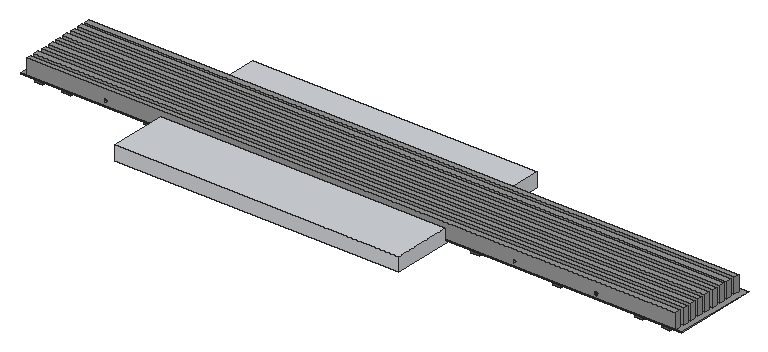
Revit family "1413-9, Solid", category Generic Models, host Face, Revit 2020
Family settings
  Host = Face
  Can host rebar = No
  Round Connector Dimension = Use Diameter
  Part Type = Normal
  Cut with Voids When Loaded = No
  Shared = No
  Room Calculation Point = No
Parameters
  min_value [instance] = 2' - 4"  # constant formula
  max_value [instance] = 11' - 11 1/4"  # constant formula
  actual_value [instance] = if(NET LENGTH < min_value, min_value, if(NET LENGTH > max_value, max_value, NET LENGTH))  # 7' - 11 1/4"
  SCRIM MATERIAL [instance] = SCRIM
  SCRIM APPEARANCE [instance] = yes
  NET LENGTH [instance] = 7' - 11 1/4"
  IMPORTANT NOTE!!!                                                                             *Backer & dowel layout is for visualization purposes only, final layout to be determined by 9Wood. [instance] = ""
  Default Elevation = 4' - 0"
  DOWEL RADIUS [instance] = 0' - 0 1/4"  # constant formula
  BACKER & DOWEL MATERIAL [instance] = BLACK-BACKERS
  .. MEMBER WIDTH [instance] = 0' - 0 3/4"  # constant formula
  .. MEMBER MATERIAL [instance] = Solid Western Hemlock
  .. MEMBER DEPTH [instance] = 0' - 2 1/4"  # constant formula
  .. MEMBER COUNT [instance] = 9  # constant formula
Reference planes (in)
  plane 1 "Center (Front/Back)": y = 0
  plane 2: z = 0
  plane 3 "Center (Left/Right)": x = 0
Forms (in)
  Extrusion 1, solid
    sketch origin (0, 0, 0) x (1, 0, 0) y (0, 1, 0)
      loop
        line (-24.24823, 14.63962) -> (-24.24823, -10.69266) -> (17.36192, -10.69266) -> (17.36192, 14.63962) -> (-24.24823, 14.63962)
    from 0 to 2.0625
Dimensions and locks (in)
  aligned and locked: plane 2 to Extrusion 1
Nested families (in)
  nested 1: "1400 series" at (-44.01308, -2.1224, 0.00189), NET LENGTH <- "actual_value", .. MEMBER DEPTH <- ".. MEMBER DEPTH", .. MEMBER WIDTH <- ".. MEMBER WIDTH", DOWEL RADIUS <- "DOWEL RADIUS", BACKER & DOWEL MATERIAL <- "BACKER & DOWEL MATERIAL", .. MEMBER MATERIAL <- ".. MEMBER MATERIAL", SCRIM MATERIAL <- "SCRIM MATERIAL", MEMBER COUNT <- ".. MEMBER COUNT", SCRIM APPEARANCE <- "SCRIM APPEARANCE", type "1400 series"
    with X 7' - 8", SCRIM MATERIAL SCRIM, SCRIM LENGTH 8' - 1", SCRIM APPEARANCE yes, SCRIM 2 0' - 0 7/8", SCRIM 1 0' - 0 3/32", OC TYP 1' - 0", NET LENGTH 7' - 11 1/4", N 8, MEMBER COUNT 9, INSET 2 0' - 0 3/16", INSET 0' - 1", HALF MEMBER WIDTH 0' - 0 3/8", END BACKER yes, DOWEL RADIUS 0' - 0 1/4", DOWEL INDEX 0' - 11 5/8", DOWEL COUNT 7, BACKING M COUNT 8, BACKER WIDTH 0' - 1 1/4", BACKER INDEX 0' - 5 5/8", BACKER DEPTH 0' - 0 1/2", BACKER & DOWEL MATERIAL BLACK-BACKERS, BACKER &  DOWEL LENGTH 0' - 11 7/8", .. MEMBER WIDTH 0' - 0 3/4", .. MEMBER OC TYP 0' - 1.33333", .. MEMBER MATERIAL Solid Western Hemlock, .. MEMBER DEPTH 0' - 2 1/4"
Definition of nested family "1400 series"
  Parameters (values of type "1400 series")
    X [instance] = NET LENGTH - 0' 3 1/4"  # 7' - 2"
    SCRIM MATERIAL [instance] = none
    SCRIM APPEARANCE [instance] = yes
    SCRIM 2 [instance] = 0' - 0 7/8"  # constant formula
    SCRIM 1 [instance] = 0' - 0 3/32"  # constant formula
    OC TYP [instance] = 1' - 0"  # constant formula
    N [instance] = if((X - (rounddown(X / 1' 0") * 1' 0")) > 1' 0", rounddown(X / 1' 0") + 2, rounddown(X / 1' 0") + 1)  # 8
    MEMBER COUNT [instance] = 2
    INSET 5 = 0' - 0 11/16"  # constant formula
    INSET 2 [instance] = 0' - 0 3/16"  # constant formula
    INSET [instance] = 0' - 1"  # constant formula
    END BACKER [instance] = BACKER INDEX > 0' 3 5/8"  # no
    HALF MEMBER WIDTH [instance] = .. MEMBER WIDTH / 2  # 0' - 1 1/8"
    Default Elevation = 0' - 0"
    DOWEL RADIUS [instance] = 0' - 0 1/4"
    DOWEL INDEX [instance] = BACKER INDEX + 0' 6"  # 0' - 8 5/8"
    DOWEL COUNT [instance] = N - 1  # 7
    BACKER WIDTH [instance] = 0' - 1 1/4"  # constant formula
    BACKER INDEX [instance] = (NET LENGTH - ((N - 1) * 1' 0")) / 2  # 0' - 2 5/8"
    BACKER DEPTH [instance] = 0' - 0 1/2"  # constant formula
    BACKING M COUNT [instance] = N  # 8
    BACKER & DOWEL MATERIAL [instance] = none
    BACKER &  DOWEL LENGTH [instance] = 0' - 11 7/8"  # constant formula
    SCRIM LENGTH [instance] = NET LENGTH + (SCRIM 2 * 2)  # 7' - 7"
    .. MEMBER WIDTH [instance] = 0' - 2 1/4"
    .. MEMBER OC TYP [instance] = 1' 0" / MEMBER COUNT  # 0' - 6"
    .. MEMBER MATERIAL [instance] = none
    NET LENGTH [instance] = 7' - 5 1/4"
    .. MEMBER DEPTH [instance] = 0' - 4"
  Reference planes (in)
    plane 1 "Center (Front/Back)": y = 0
    plane 2: z = 0
    plane 3 "Center (Left/Right)": x = 0
    plane 4: x = 89.25
    plane 5: x = 1
    plane 6: x = 88.25
    plane 7: x = 2.625
    plane 8: x = 8.625
    plane 9: x = 14.625
    plane 10: x = 20.625
    plane 11: y = 0.1875
    plane 12: y = 1.125
    plane 13: y = 7.125
    plane 14: y = 12.0625
    plane 15: x = 90.125
    plane 16: x = -0.875
    plane 17: y = 12.15625
    plane 18: y = -0.09375
    plane 19: z = 2.7097
    plane 20: z = 0.49811
    plane 21: z = 0.56061
    plane 22: z = 1.24811
  Lines and regions (in)
    model lines, not visible
      curve 1: line (8.625, 0, 0.99811) -> (8.625, 0, 1.49811)
      curve 2: line (8.625, 0, 1.49811) -> (8.375, 0, 1.24811)
      curve 3: line (8.375, 0, 1.24811) -> (8.875, 0, 1.24811)
      curve 4: line (20.625, 0, 0.99811) -> (20.625, 0, 1.49811)
      curve 5: line (20.625, 0, 1.49811) -> (20.375, 0, 1.24811)
      curve 6: line (20.375, 0, 1.24811) -> (20.875, 0, 1.24811)
      curve 7: line (32.625, 0, 0.99811) -> (32.625, 0, 1.49811)
      curve 8: line (32.625, 0, 1.49811) -> (32.375, 0, 1.24811)
      curve 9: line (32.375, 0, 1.24811) -> (32.875, 0, 1.24811)
      curve 10: line (44.625, 0, 0.99811) -> (44.625, 0, 1.49811)
      curve 11: line (44.625, 0, 1.49811) -> (44.375, 0, 1.24811)
      curve 12: line (44.375, 0, 1.24811) -> (44.875, 0, 1.24811)
      curve 13: line (56.625, 0, 0.99811) -> (56.625, 0, 1.49811)
      curve 14: line (56.625, 0, 1.49811) -> (56.375, 0, 1.24811)
      curve 15: line (56.375, 0, 1.24811) -> (56.875, 0, 1.24811)
      curve 16: line (68.625, 0, 0.99811) -> (68.625, 0, 1.49811)
      curve 17: line (68.625, 0, 1.49811) -> (68.375, 0, 1.24811)
      curve 18: line (68.375, 0, 1.24811) -> (68.875, 0, 1.24811)
      curve 19: line (80.625, 0, 0.99811) -> (80.625, 0, 1.49811)
      curve 20: line (80.625, 0, 1.49811) -> (80.375, 0, 1.24811)
      curve 21: line (80.375, 0, 1.24811) -> (80.875, 0, 1.24811)
  Dimensions and locks (in)
    "INSET": plane 3 "Center (Left/Right)" to plane 5
    "NET LENGTH": plane 3 "Center (Left/Right)" to plane 4
    "INSET": plane 6 to plane 4
    "BACKER INDEX": plane 3 "Center (Left/Right)" to plane 7
    "DOWEL INDEX": plane 3 "Center (Left/Right)" to plane 8
    "OC TYP": plane 7 to plane 9
    "OC TYP": plane 8 to plane 10
    "INSET 2": plane 1 "Center (Front/Back)" to plane 11
    equal spacing: group 1, group 2, group 5, group 6, group 7, group 13, group 14, group 16  (x3)
    equal spacing: group 3, group 4, group 8, group 9, group 10, group 15, group 17  (x3)
    group 11 to group 12 = 0' - 0"  (x2)
    group 11 to group 12 = 0' - 6"
    ".. MEMBER OC TYP": plane 13 to plane 12
    "HALF MEMBER WIDTH": plane 1 "Center (Front/Back)" to plane 12
    "SCRIM 2": plane 16 to plane 3 "Center (Left/Right)"
    "SCRIM 2": plane 4 to plane 15
    "SCRIM 1": plane 18 to plane 1 "Center (Front/Back)"
    "SCRIM 1": plane 17 to plane 14
    "INSET 5": plane 22 to plane 21
    aligned and locked: level to plane 2
    aligned and locked: plane 7 to nested 2
    aligned and locked: plane 5 to nested 1
    aligned and locked: plane 9 to nested 3
    aligned and locked: nested 1 to plane 5
    aligned and locked: nested 2 to plane 11
    aligned and locked: nested 1 to plane 11
    aligned and locked: nested 3 to plane 11
    aligned and locked: nested 4 to plane 11  (x2)
    aligned and locked: plane 10 to nested 5
    aligned and locked: plane 6 to nested 12
    aligned and locked: nested 5 to plane 11
    aligned and locked: plane 11 to nested 12
    aligned and locked: plane 12 to nested 13
    aligned and locked: nested 14 to plane 13
    aligned and locked: plane 14 to nested 8
    aligned and locked: plane 16 to nested 15
    aligned and locked: nested 15 to plane 18
    aligned and locked: nested 15 to plane 17
    aligned and locked: nested 15 to plane 16  (x2)
    aligned and locked: nested 1 to level
    aligned and locked: level to nested 3
    aligned and locked: plane 20 to nested 2
    aligned and locked: plane 20 to nested 1
    aligned and locked: plane 20 to nested 3
    aligned and locked: nested 12 to plane 20
    aligned and locked: nested 15 to plane 20
    aligned and locked: plane 21 to nested 15
    aligned and locked: nested 13 to plane 21
    aligned and locked: plane 22 to nested 4
    aligned and locked: plane 22 to nested 5
    aligned and locked: nested 13 to plane 8
    aligned and locked: plane 10 to nested 13
    aligned and locked: curve 1 to nested 13
    aligned and locked: nested 13 to curve 4
  Automatic sketch dimensions
    curve 3 to curve 1 = 0' - 0 1/4"  (x2)
    curve 1 to curve 3 = 0' - 0 1/4"
    curve 1 to curve 2 = 0' - 0 1/4"
    curve 6 to curve 4 = 0' - 0 1/4"  (x2)
    curve 4 to curve 6 = 0' - 0 1/4"
    curve 4 to curve 5 = 0' - 0 1/4"
    curve 9 to curve 7 = 0' - 0 1/4"  (x2)
    curve 7 to curve 9 = 0' - 0 1/4"
    curve 7 to curve 8 = 0' - 0 1/4"
    curve 12 to curve 10 = 0' - 0 1/4"  (x2)
    curve 10 to curve 12 = 0' - 0 1/4"
    curve 10 to curve 11 = 0' - 0 1/4"
    curve 15 to curve 13 = 0' - 0 1/4"  (x2)
    curve 13 to curve 15 = 0' - 0 1/4"
    curve 13 to curve 14 = 0' - 0 1/4"
    curve 18 to curve 16 = 0' - 0 1/4"  (x2)
    curve 16 to curve 18 = 0' - 0 1/4"
    curve 16 to curve 17 = 0' - 0 1/4"
    curve 21 to curve 19 = 0' - 0 1/4"  (x2)
    curve 19 to curve 21 = 0' - 0 1/4"
    curve 19 to curve 20 = 0' - 0 1/4"
  Nested families (in)
    nested 1: "INSTANCE - 3RD -  EXTEND BOTH SIDES - Parametric Cube.0001" at (1, 0.1875, 0.49811), Length <- "BACKER &  DOWEL LENGTH", Width <- "BACKER WIDTH", Height <- "BACKER DEPTH", Material <- "BACKER & DOWEL MATERIAL", visible <- "END BACKER", type "INSTANCE - 3RD -  EXTEND BOTH SIDES - Parametric Cube.0001"
      with Width 0' - 1 1/4", Material none, Length 0' - 11 7/8", Height 0' - 0 1/2"
    nested 2: "INSTANCE - 2ND -  EXTEND SIDE H CENTER W - Parametric Cube.0001" at (2.625, 0.1875, 0.49811), Width <- "BACKER WIDTH", Length <- "BACKER &  DOWEL LENGTH", Height <- "BACKER DEPTH", Material <- "BACKER & DOWEL MATERIAL", type "INSTANCE - 2ND -  EXTEND SIDE H CENTER W - Parametric Cube.0001"
      with Width 0' - 1 1/4", Material none, Length 0' - 11 7/8", Height 0' - 0 1/2"
    nested 3: "INSTANCE - 2ND -  EXTEND SIDE H CENTER W - Parametric Cube.0001" at (14.625, 0.1875, 0.49811), Width <- "BACKER WIDTH", Length <- "BACKER &  DOWEL LENGTH", Height <- "BACKER DEPTH", Material <- "BACKER & DOWEL MATERIAL", type "INSTANCE - 2ND -  EXTEND SIDE H CENTER W - Parametric Cube.0001"
      with Width 0' - 1 1/4", Material none, Length 0' - 11 7/8", Height 0' - 0 1/2"
    nested 4: "DOWEL" at (-1.375, 0.1875, 1.24811), DOWEL LENGTH <- "BACKER &  DOWEL LENGTH", DOWEL RADII <- "DOWEL RADIUS", BACKING MEM MATERIAL <- "BACKER & DOWEL MATERIAL", type "DOWEL"
      with DOWEL RADII 0' - 0 1/4", DOWEL LENGTH 0' - 11 7/8", BACKING MEM MATERIAL none
    nested 5: "DOWEL" at (10.625, 0.1875, 1.24811), DOWEL LENGTH <- "BACKER &  DOWEL LENGTH", DOWEL RADII <- "DOWEL RADIUS", BACKING MEM MATERIAL <- "BACKER & DOWEL MATERIAL", type "DOWEL"
      with DOWEL RADII 0' - 0 1/4", DOWEL LENGTH 0' - 11 7/8", BACKING MEM MATERIAL none
    nested 6: "INSTANCE - 2ND -  EXTEND SIDE H CENTER W - Parametric Cube.0001" at (26.625, 0.1875, 0.49811), Width <- "BACKER WIDTH", Length <- "BACKER &  DOWEL LENGTH", Height <- "BACKER DEPTH", Material <- "BACKER & DOWEL MATERIAL", type "INSTANCE - 2ND -  EXTEND SIDE H CENTER W - Parametric Cube.0001"
      with Width 0' - 1 1/4", Material none, Length 0' - 11 7/8", Height 0' - 0 1/2"
    nested 7: "INSTANCE - 2ND -  EXTEND SIDE H CENTER W - Parametric Cube.0001" at (38.625, 0.1875, 0.49811), Width <- "BACKER WIDTH", Length <- "BACKER &  DOWEL LENGTH", Height <- "BACKER DEPTH", Material <- "BACKER & DOWEL MATERIAL", type "INSTANCE - 2ND -  EXTEND SIDE H CENTER W - Parametric Cube.0001"
      with Width 0' - 1 1/4", Material none, Length 0' - 11 7/8", Height 0' - 0 1/2"
    nested 8: "INSTANCE - 2ND -  EXTEND SIDE H CENTER W - Parametric Cube.0001" at (50.625, 0.1875, 0.49811), Width <- "BACKER WIDTH", Length <- "BACKER &  DOWEL LENGTH", Height <- "BACKER DEPTH", Material <- "BACKER & DOWEL MATERIAL", type "INSTANCE - 2ND -  EXTEND SIDE H CENTER W - Parametric Cube.0001"
      with Width 0' - 1 1/4", Material none, Length 0' - 11 7/8", Height 0' - 0 1/2"
    nested 9: "DOWEL" at (22.625, 0.1875, 1.24811), DOWEL LENGTH <- "BACKER &  DOWEL LENGTH", DOWEL RADII <- "DOWEL RADIUS", BACKING MEM MATERIAL <- "BACKER & DOWEL MATERIAL", type "DOWEL"
      with DOWEL RADII 0' - 0 1/4", DOWEL LENGTH 0' - 11 7/8", BACKING MEM MATERIAL none
    nested 10: "DOWEL" at (34.625, 0.1875, 1.24811), DOWEL LENGTH <- "BACKER &  DOWEL LENGTH", DOWEL RADII <- "DOWEL RADIUS", BACKING MEM MATERIAL <- "BACKER & DOWEL MATERIAL", type "DOWEL"
      with DOWEL RADII 0' - 0 1/4", DOWEL LENGTH 0' - 11 7/8", BACKING MEM MATERIAL none
    nested 11: "DOWEL" at (46.625, 0.1875, 1.24811), DOWEL LENGTH <- "BACKER &  DOWEL LENGTH", DOWEL RADII <- "DOWEL RADIUS", BACKING MEM MATERIAL <- "BACKER & DOWEL MATERIAL", type "DOWEL"
      with DOWEL RADII 0' - 0 1/4", DOWEL LENGTH 0' - 11 7/8", BACKING MEM MATERIAL none
    nested 12: "INSTANCE - 3RD -  EXTEND BOTH SIDES - Parametric Cube.0001" at (88.25, 0.1875, 0.49811) x (-1, 0, 0) z (0, 0, 1), Width <- "BACKER WIDTH", Length <- "BACKER &  DOWEL LENGTH", Height <- "BACKER DEPTH", Material <- "BACKER & DOWEL MATERIAL", visible <- "END BACKER", type "INSTANCE - 3RD -  EXTEND BOTH SIDES - Parametric Cube.0001"
      with Width 0' - 1 1/4", Material none, Length 0' - 11 7/8", Height 0' - 0 1/2"
    nested 13: "HOLED MEMBER" at (0, -9.75, 8.12965), DOWEL INDEX <- "DOWEL INDEX", .. MEMBER LENGTH <- "NET LENGTH", .. MEMBER WIDTH <- ".. MEMBER WIDTH", DOWEL OC DIST <- "OC TYP", DOWEL RADII <- "DOWEL RADIUS", Material <- ".. MEMBER MATERIAL", DEPTH <- ".. MEMBER DEPTH", DOWEL COUNT <- "DOWEL COUNT", Space <- "INSET 5", type "HOLED MEMBER"
      with Space 0' - 0 11/16", Material none, Height 0' - 10.43096", HALF MEMBER WIDTH 0' - 1 1/8", DOWEL RADII 0' - 0 1/4", DOWEL OC DIST 1' - 0", DOWEL INDEX 0' - 8 5/8", DOWEL COUNT 7, DEPTH 0' - 4", .. MEMBER WIDTH 0' - 2 1/4", .. MEMBER LENGTH 7' - 5 1/4"
    nested 14: "HOLED MEMBER" at (0, -3.75, 8.12965), DOWEL INDEX <- "DOWEL INDEX", .. MEMBER LENGTH <- "NET LENGTH", .. MEMBER WIDTH <- ".. MEMBER WIDTH", DOWEL OC DIST <- "OC TYP", DOWEL RADII <- "DOWEL RADIUS", Material <- ".. MEMBER MATERIAL", DEPTH <- ".. MEMBER DEPTH", DOWEL COUNT <- "DOWEL COUNT", Space <- "INSET 5", type "HOLED MEMBER"
      with Space 0' - 0 11/16", Material none, Height 0' - 10.43096", HALF MEMBER WIDTH 0' - 1 1/8", DOWEL RADII 0' - 0 1/4", DOWEL OC DIST 1' - 0", DOWEL INDEX 0' - 8 5/8", DOWEL COUNT 7, DEPTH 0' - 4", .. MEMBER WIDTH 0' - 2 1/4", .. MEMBER LENGTH 7' - 5 1/4"
    nested 15: "INSTANCE - 3RD -  EXTEND BOTH SIDES - Parametric Cube.0001" at (-0.875, -0.09375, 0.56061), Width <- "SCRIM LENGTH", Material <- "SCRIM MATERIAL", visible <- "SCRIM APPEARANCE", type "INSTANCE - 3RD -  EXTEND BOTH SIDES - Parametric Cube.0001"
      with Width 7' - 7", Material none, Length 1' - 0 1/4", Height 0' - 0 1/16"
    nested 16: "INSTANCE - 2ND -  EXTEND SIDE H CENTER W - Parametric Cube.0001" at (62.625, 0.1875, 0.49811), Width <- "BACKER WIDTH", Length <- "BACKER &  DOWEL LENGTH", Height <- "BACKER DEPTH", Material <- "BACKER & DOWEL MATERIAL", type "INSTANCE - 2ND -  EXTEND SIDE H CENTER W - Parametric Cube.0001"
      with Width 0' - 1 1/4", Material none, Length 0' - 11 7/8", Height 0' - 0 1/2"
    nested 17: "INSTANCE - 2ND -  EXTEND SIDE H CENTER W - Parametric Cube.0001" at (74.625, 0.1875, 0.49811), Width <- "BACKER WIDTH", Length <- "BACKER &  DOWEL LENGTH", Height <- "BACKER DEPTH", Material <- "BACKER & DOWEL MATERIAL", type "INSTANCE - 2ND -  EXTEND SIDE H CENTER W - Parametric Cube.0001"
      with Width 0' - 1 1/4", Material none, Length 0' - 11 7/8", Height 0' - 0 1/2"
    nested 18: "DOWEL" at (58.625, 0.1875, 1.24811), DOWEL LENGTH <- "BACKER &  DOWEL LENGTH", DOWEL RADII <- "DOWEL RADIUS", BACKING MEM MATERIAL <- "BACKER & DOWEL MATERIAL", type "DOWEL"
      with DOWEL RADII 0' - 0 1/4", DOWEL LENGTH 0' - 11 7/8", BACKING MEM MATERIAL none
    nested 19: "INSTANCE - 2ND -  EXTEND SIDE H CENTER W - Parametric Cube.0001" at (86.625, 0.1875, 0.49811), Width <- "BACKER WIDTH", Length <- "BACKER &  DOWEL LENGTH", Height <- "BACKER DEPTH", Material <- "BACKER & DOWEL MATERIAL", type "INSTANCE - 2ND -  EXTEND SIDE H CENTER W - Parametric Cube.0001"
      with Width 0' - 1 1/4", Material none, Length 0' - 11 7/8", Height 0' - 0 1/2"
    nested 20: "DOWEL" at (70.625, 0.1875, 1.24811), DOWEL LENGTH <- "BACKER &  DOWEL LENGTH", DOWEL RADII <- "DOWEL RADIUS", BACKING MEM MATERIAL <- "BACKER & DOWEL MATERIAL", type "DOWEL"
      with DOWEL RADII 0' - 0 1/4", DOWEL LENGTH 0' - 11 7/8", BACKING MEM MATERIAL none
  Definition of nested family "INSTANCE - 3RD -  EXTEND BOTH SIDES - Parametric Cube.0001"
    Parameters (values of type "INSTANCE - 3RD -  EXTEND BOTH SIDES - Parametric Cube.0001")
      Width [instance] = 0' - 6"
      Material [instance] = none
      Length [instance] = 1' - 0"
      Height [instance] = 1' - 6"
      Default Elevation = 0' - 0"
    Reference planes (in)
      plane 1 "Center (Front/Back)": y = 0
      plane 2: z = 0
      plane 3 "Center (Left/Right)": x = 0
      plane 4: x = 6
      plane 5: y = 12
      plane 6: z = -18
    Forms (in)
      Extrusion 1, solid, material <- "Material"
        sketch origin (0, 6, 0) x (1, 0, 0) y (0, 1, 0)
          loop
            line (0, 6) -> (0, -6) -> (6, -6) -> (6, 6) -> (0, 6)
        from -18 to 0
    Dimensions and locks (in)
      "Height": plane 6 to level
      "Length": plane 1 "Center (Front/Back)" to plane 5
      "Width": plane 3 "Center (Left/Right)" to plane 4
      aligned and locked: plane 2 to level
      aligned and locked: Extrusion 1 sketch curve to plane 4
      aligned and locked: Extrusion 1 to plane 6
      aligned and locked: plane 5 to Extrusion 1
      aligned and locked: Extrusion 1 to plane 3 "Center (Left/Right)"
    Automatic sketch dimensions
      plane 1 "Center (Front/Back)" to Extrusion 1 sketch curve = 0' - 0"
      plane 5 to Extrusion 1 sketch curve = 0' - 0"
      Extrusion 1 sketch curve to plane 3 "Center (Left/Right)" = 0' - 0"
  Definition of nested family "INSTANCE - 2ND -  EXTEND SIDE H CENTER W - Parametric Cube.0001"
    Parameters (values of type "INSTANCE - 2ND -  EXTEND SIDE H CENTER W - Parametric Cube.0001")
      Width [instance] = 0' - 6"
      Material [instance] = none
      Length [instance] = 1' - 0"
      Height [instance] = 1' - 6"
      Default Elevation = 0' - 0"
    Reference planes (in)
      plane 1 "Center (Front/Back)": y = 0
      plane 2: z = 0
      plane 3 "Center (Left/Right)": x = 0
      plane 4: x = -3
      plane 5: x = 3
      plane 6: y = 12
      plane 7: z = -18
    Forms (in)
      Extrusion 1, solid, material <- "Material"
        sketch origin (0, 6, 0) x (1, 0, 0) y (0, 1, 0)
          loop
            line (-3, 6) -> (-3, -6) -> (3, -6) -> (3, 6) -> (-3, 6)
        from -18 to 0
    Dimensions and locks (in)
      equal spacing: plane 4, plane 3 "Center (Left/Right)", plane 5
      "Width": plane 4 to plane 5
      "Height": plane 7 to level
      "Length": plane 1 "Center (Front/Back)" to plane 6
      aligned and locked: plane 2 to level
      aligned and locked: plane 4 to Extrusion 1 sketch curve
      aligned and locked: Extrusion 1 sketch curve to plane 5
      aligned and locked: Extrusion 1 to plane 7
      aligned and locked: plane 6 to Extrusion 1
    Automatic sketch dimensions
      plane 1 "Center (Front/Back)" to Extrusion 1 sketch curve = 0' - 0"
      plane 6 to Extrusion 1 sketch curve = 0' - 0"
  Definition of nested family "DOWEL"
    Parameters (values of type "DOWEL")
      Default Elevation = 0' - 0"
      DOWEL RADII [instance] = 0' - 0 5/8"
      DOWEL LENGTH [instance] = 1' - 0"
      BACKING MEM MATERIAL [instance] = none
    Reference planes (in)
      plane 1 "Center (Front/Back)": y = 0
      plane 2: z = 0
      plane 3 "Center (Left/Right)": x = 0
      plane 4: y = 12
    Forms (in)
      Extrusion 1, solid, material <- "BACKING MEM MATERIAL"
        sketch origin (10, 0, 0) x (1, 0, 0) y (0, 0, 1)
          loop
            circle (0, 0) r 0.625
        from 0 to -12
      Extrusion 2, solid, not visible
        sketch origin (0, 0, 0) x (1, 0, 0) y (0, 0, 1)
          loop
            circle (0, 0) r 0.625
        from 0 to 12
      Extrusion 3, solid, not visible
        sketch origin (10, 0, 0) x (1, 0, 0) y (0, 0, 1)
          loop
            circle (0, 0) r 0.625
        from 0 to 2.5
      Extrusion 4, solid, not visible
        sketch origin (10, 0, 0) x (1, 0, 0) y (0, 0, 1)
          loop
            circle (0, 0) r 0.625
        from 0 to -12
    Lines and regions (in)
      model lines, not visible
        curve 1: line (-13, 0, 0) -> (-13, -12, 0)
        curve 2: line (13, 0, 0) -> (13, -12, 0)
        curve 3: line (9.89453, 0, 0) -> (10.08794, 0, 0)
        curve 4: line (9.89453, -2.5, 0) -> (10.08794, -2.5, 0)
        curve 6: line (10, 0, 0) -> (10, 2, 0)
      model lines
        curve 5: line (10, 0, 0) -> (10, 2, 0)
    Dimensions and locks (in)
      "DOWEL LENGTH": plane 1 "Center (Front/Back)" to plane 4
      "DOWEL RADII": radius of Extrusion 1 sketch curve
      "DOWEL RADII": radius of Extrusion 2 sketch curve
      "DOWEL RADII": radius of Extrusion 3 sketch curve
      "DOWEL RADII": radius of Extrusion 4 sketch curve
      "DOWEL RADII": radius of Extrusion 1
      aligned and locked: plane 2 to level
      aligned and locked: Extrusion 1 to plane 1 "Center (Front/Back)"  (x3)
      aligned and locked: plane 1 "Center (Front/Back)" to Extrusion 1
      aligned and locked: plane 4 to Extrusion 1
    Automatic sketch dimensions
      plane 1 "Center (Front/Back)" to curve 5 = 0' - 0"
      curve 5 to plane 1 "Center (Front/Back)" = 0' - 2"
      plane 3 "Center (Left/Right)" to curve 5 = 0' - 10"
      Extrusion 1 sketch curve to level = 0' - 0"
      plane 3 "Center (Left/Right)" to Extrusion 1 sketch curve = 0' - 10"
  Definition of nested family "HOLED MEMBER"
    Parameters (values of type "HOLED MEMBER")
      Space [instance] = 0' - 0 5/8"
      Material [instance] = none
      Height [instance] = 0' - 10.43096"
      HALF MEMBER WIDTH [instance] = .. MEMBER WIDTH / 2  # 0' - 0 5/16"
      Default Elevation = 0' - 0"
      DOWEL RADII [instance] = 0' - 0.34537"
      DOWEL OC DIST [instance] = 1' - 0"
      DOWEL INSET = 0' - 0 5/8"
      DOWEL INDEX [instance] = 0' - 5 5/8"
      DOWEL COUNT [instance] = 6
      DEPTH [instance] = 0' - 2"
      .. MEMBER WIDTH [instance] = 0' - 0 5/8"
      .. MEMBER LENGTH [instance] = 5' - 11 3/4"
    Reference planes (in)
      plane 1 "Center (Front/Back)": y = 12
      plane 2: z = -7.56904
      plane 3 "Center (Left/Right)": x = 0
      plane 4: x = 5.625
      plane 5: x = 17.625
      plane 6: y = 11.375
      plane 7: x = 71.75
      plane 8: y = 11.6875
      plane 9: z = -6.94404
      plane 10: z = -5.56904
    Forms (in)
      Extrusion 1, solid, material <- "Material"
        sketch origin (0, 12, -13.56904) x (1, 0, 0) y (0, 0, 1)
          loop
            line (0, 6) -> (71.75, 6) -> (71.75, 8) -> (0, 8) -> (0, 6)
        from 0.625 to 0
      Extrusion 2, void
        sketch origin (0, 12, -18.31904) x (1, 0, 0) y (0, 0, 1)
          loop
            circle (5.625, 11.375) r 0.34537
        from 0 to 12
      Extrusion 3, void, not visible
        sketch origin (0, 0, 0) x (1, 0, 0) y (0, 1, 0)
          loop
            circle (5.625, 11.375) r 0.34537
        from 0 to 12
      Extrusion 4, void, not visible
        sketch origin (0, 0, 0) x (1, 0, 0) y (0, 1, 0)
          loop
            circle (5.625, 11.375) r 0.34537
        from 0 to 12
      Extrusion 5, void, not visible
        sketch origin (12, 0, 0) x (1, 0, 0) y (0, 1, 0)
          loop
            circle (5.625, 11.375) r 0.34537
        from 0 to 12
      Extrusion 6, void, not visible
        sketch origin (0, 12, -17.56904) x (1, 0, 0) y (0, 0, 1)
          loop
            circle (5.625, 11.375) r 0.34537
        from 0 to 12
      Extrusion 7, void, not visible
        sketch origin (12, 12, -17.56904) x (1, 0, 0) y (0, 0, 1)
          loop
            circle (5.625, 11.375) r 0.34537
        from 0 to 12
      Extrusion 8, void, not visible
        sketch origin (0, 12, -19.56904) x (1, 0, 0) y (0, 0, 1)
          loop
            circle (5.625, 11.375) r 0.34537
        from 0 to 12
      Extrusion 9, void
        sketch origin (12, 12, -18.31904) x (1, 0, 0) y (0, 0, 1)
          loop
            circle (5.625, 11.375) r 0.34537
        from 0 to 12
      Extrusion 10, void
        sketch origin (24, 12, -18.31904) x (1, 0, 0) y (0, 0, 1)
          loop
            circle (5.625, 11.375) r 0.34537
        from 0 to 12
      Extrusion 11, void
        sketch origin (36, 12, -18.31904) x (1, 0, 0) y (0, 0, 1)
          loop
            circle (5.625, 11.375) r 0.34537
        from 0 to 12
      Extrusion 12, void
        sketch origin (48, 12, -18.31904) x (1, 0, 0) y (0, 0, 1)
          loop
            circle (5.625, 11.375) r 0.34537
        from 0 to 12
      Extrusion 13, void
        sketch origin (60, 12, -18.31904) x (1, 0, 0) y (0, 0, 1)
          loop
            circle (5.625, 11.375) r 0.34537
        from 0 to 12
      Extrusion 14, void, not visible
        sketch origin (24, 12, -17.56904) x (1, 0, 0) y (0, 0, 1)
          loop
            circle (5.625, 11.375) r 0.34537
        from 0 to 12
      Extrusion 15, void, not visible
        sketch origin (36, 12, -17.56904) x (1, 0, 0) y (0, 0, 1)
          loop
            circle (5.625, 11.375) r 0.34537
        from 0 to 12
      Extrusion 16, void, not visible
        sketch origin (48, 12, -17.56904) x (1, 0, 0) y (0, 0, 1)
          loop
            circle (5.625, 11.375) r 0.34537
        from 0 to 12
      Extrusion 17, void, not visible
        sketch origin (60, 12, -17.56904) x (1, 0, 0) y (0, 0, 1)
          loop
            circle (5.625, 11.375) r 0.34537
        from 0 to 12
      Extrusion 18, void, not visible
        sketch origin (24, 0, 0) x (1, 0, 0) y (0, 1, 0)
          loop
            circle (5.625, 11.375) r 0.34537
        from 0 to 12
      Extrusion 19, void, not visible
        sketch origin (36, 0, 0) x (1, 0, 0) y (0, 1, 0)
          loop
            circle (5.625, 11.375) r 0.34537
        from 0 to 12
      Extrusion 20, void, not visible
        sketch origin (48, 0, 0) x (1, 0, 0) y (0, 1, 0)
          loop
            circle (5.625, 11.375) r 0.34537
        from 0 to 12
      Extrusion 21, void, not visible
        sketch origin (60, 0, 0) x (1, 0, 0) y (0, 1, 0)
          loop
            circle (5.625, 11.375) r 0.34537
        from 0 to 12
    Cuts and joins
      Extrusion 2, Extrusion 9, Extrusion 10, Extrusion 11, Extrusion 12, Extrusion 13 cuts Extrusion 1
    Lines and regions (in)
      model lines, not visible
        curve 1: line (5.625, 11.72037, 0) -> (5.625, 11.02963, 0)
        curve 2: line (5.625, 11.72037, 0) -> (5.625, 11.02963, 0)
        curve 3: line (17.625, 11.72037, 0) -> (17.625, 11.02963, 0)
        curve 4: line (5.625, 12, -7.56904) -> (5.625, 11.87317, -7.56904)
        curve 5: line (5.625, 11.87317, -7.56904) -> (5.06195, 11.87317, -7.56904)
        curve 6: line (5.06195, 11.87317, -7.56904) -> (5.27963, 11.375, -7.56904)
        curve 7: line (0, 12, -6.19404) -> (0, 11.61951, -6.19404)
        curve 9: line (0, 11.375, -8.19404) -> (0, 11.6747, -8.19404)
        curve 10: line (5.625, 12, -7.56904) -> (5.625, 11.69863, -7.56904)
        curve 11: line (5.625, 12, -7.56904) -> (5.625, 11.69863, -7.56904)
        curve 12: line (5.625, 10.75, 0) -> (5.625, 10.75, 0.30137)
        curve 13: line (5.625, 10.75, 0) -> (5.625, 10.75, 0.30137)
        curve 14: line (17.625, 10.75, 0) -> (17.625, 10.75, 0.30137)
        curve 15: line (5.625, 12, -6.81904) -> (5.625, 11.69863, -6.81904)
        curve 16: line (17.625, 12, -6.81904) -> (17.625, 11.69863, -6.81904)
        curve 17: line (5.625, 12, -8.81904) -> (5.625, 11.69863, -8.81904)
        curve 18: line (17.625, 12, -7.56904) -> (17.625, 11.69863, -7.56904)
        curve 19: line (29.625, 12, -7.56904) -> (29.625, 11.69863, -7.56904)
        curve 20: line (41.625, 12, -7.56904) -> (41.625, 11.69863, -7.56904)
        curve 21: line (53.625, 12, -7.56904) -> (53.625, 11.69863, -7.56904)
        curve 22: line (65.625, 12, -7.56904) -> (65.625, 11.69863, -7.56904)
        curve 23: line (29.625, 12, -6.81904) -> (29.625, 11.69863, -6.81904)
        curve 24: line (41.625, 12, -6.81904) -> (41.625, 11.69863, -6.81904)
        curve 25: line (53.625, 12, -6.81904) -> (53.625, 11.69863, -6.81904)
        curve 26: line (65.625, 12, -6.81904) -> (65.625, 11.69863, -6.81904)
        curve 27: line (29.625, 11.72037, 0) -> (29.625, 11.02963, 0)
        curve 28: line (29.625, 10.75, 0) -> (29.625, 10.75, 0.30137)
        curve 29: line (41.625, 11.72037, 0) -> (41.625, 11.02963, 0)
        curve 30: line (41.625, 10.75, 0) -> (41.625, 10.75, 0.30137)
        curve 31: line (53.625, 11.72037, 0) -> (53.625, 11.02963, 0)
        curve 32: line (53.625, 10.75, 0) -> (53.625, 10.75, 0.30137)
        curve 33: line (65.625, 11.72037, 0) -> (65.625, 11.02963, 0)
        curve 34: line (65.625, 10.75, 0) -> (65.625, 10.75, 0.30137)
        curve 35: line (5.27963, 12, -6.94404) -> (5.97037, 12, -6.94404)
        curve 36: line (5.97037, 12, -6.94404) -> (5.625, 12, -6.59867)
        curve 37: line (5.625, 12, -6.59867) -> (5.625, 12, -7.28941)
        curve 38: line (5.27963, 11.375, 0) -> (5.97037, 11.375, 0)
        curve 39: line (5.97037, 11.375, 0) -> (5.625, 11.72037, 0)
        curve 40: line (5.625, 11.72037, 0) -> (5.625, 11.02963, 0)
        curve 41: line (5.27963, 11.375, 0) -> (5.97037, 11.375, 0)
        curve 42: line (5.97037, 11.375, 0) -> (5.625, 11.72037, 0)
        curve 43: line (5.625, 11.72037, 0) -> (5.625, 11.02963, 0)
        curve 44: line (17.27963, 11.375, 0) -> (17.97037, 11.375, 0)
        curve 45: line (17.97037, 11.375, 0) -> (17.625, 11.72037, 0)
        curve 46: line (17.625, 11.72037, 0) -> (17.625, 11.02963, 0)
        curve 47: line (5.27963, 12, -6.19404) -> (5.97037, 12, -6.19404)
        curve 48: line (5.97037, 12, -6.19404) -> (5.625, 12, -5.84867)
        curve 49: line (5.625, 12, -5.84867) -> (5.625, 12, -6.53941)
        curve 50: line (17.27963, 12, -6.19404) -> (17.97037, 12, -6.19404)
        curve 51: line (17.97037, 12, -6.19404) -> (17.625, 12, -5.84867)
        curve 52: line (17.625, 12, -5.84867) -> (17.625, 12, -6.53941)
        curve 53: line (5.27963, 12, -8.19404) -> (5.97037, 12, -8.19404)
        curve 54: line (5.97037, 12, -8.19404) -> (5.625, 12, -7.84867)
        curve 55: line (5.625, 12, -7.84867) -> (5.625, 12, -8.53941)
        curve 56: line (17.27963, 12, -6.94404) -> (17.97037, 12, -6.94404)
        curve 57: line (17.97037, 12, -6.94404) -> (17.625, 12, -6.59867)
        curve 58: line (17.625, 12, -6.59867) -> (17.625, 12, -7.28941)
        curve 59: line (29.27963, 12, -6.94404) -> (29.97037, 12, -6.94404)
        curve 60: line (29.97037, 12, -6.94404) -> (29.625, 12, -6.59867)
        curve 61: line (29.625, 12, -6.59867) -> (29.625, 12, -7.28941)
        curve 62: line (41.27963, 12, -6.94404) -> (41.97037, 12, -6.94404)
        curve 63: line (41.97037, 12, -6.94404) -> (41.625, 12, -6.59867)
        curve 64: line (41.625, 12, -6.59867) -> (41.625, 12, -7.28941)
        curve 65: line (53.27963, 12, -6.94404) -> (53.97037, 12, -6.94404)
        curve 66: line (53.97037, 12, -6.94404) -> (53.625, 12, -6.59867)
        curve 67: line (53.625, 12, -6.59867) -> (53.625, 12, -7.28941)
        curve 68: line (65.27963, 12, -6.94404) -> (65.97037, 12, -6.94404)
        curve 69: line (65.97037, 12, -6.94404) -> (65.625, 12, -6.59867)
        curve 70: line (65.625, 12, -6.59867) -> (65.625, 12, -7.28941)
        curve 71: line (29.27963, 12, -6.19404) -> (29.97037, 12, -6.19404)
        curve 72: line (29.97037, 12, -6.19404) -> (29.625, 12, -5.84867)
        curve 73: line (29.625, 12, -5.84867) -> (29.625, 12, -6.53941)
        curve 74: line (41.27963, 12, -6.19404) -> (41.97037, 12, -6.19404)
        curve 75: line (41.97037, 12, -6.19404) -> (41.625, 12, -5.84867)
        curve 76: line (41.625, 12, -5.84867) -> (41.625, 12, -6.53941)
        curve 77: line (53.27963, 12, -6.19404) -> (53.97037, 12, -6.19404)
        curve 78: line (53.97037, 12, -6.19404) -> (53.625, 12, -5.84867)
        curve 79: line (53.625, 12, -5.84867) -> (53.625, 12, -6.53941)
        curve 80: line (65.27963, 12, -6.19404) -> (65.97037, 12, -6.19404)
        curve 81: line (65.97037, 12, -6.19404) -> (65.625, 12, -5.84867)
        curve 82: line (65.625, 12, -5.84867) -> (65.625, 12, -6.53941)
        curve 83: line (29.27963, 11.375, 0) -> (29.97037, 11.375, 0)
        curve 84: line (29.97037, 11.375, 0) -> (29.625, 11.72037, 0)
        curve 85: line (29.625, 11.72037, 0) -> (29.625, 11.02963, 0)
        curve 86: line (41.27963, 11.375, 0) -> (41.97037, 11.375, 0)
        curve 87: line (41.97037, 11.375, 0) -> (41.625, 11.72037, 0)
        curve 88: line (41.625, 11.72037, 0) -> (41.625, 11.02963, 0)
        curve 89: line (53.27963, 11.375, 0) -> (53.97037, 11.375, 0)
        curve 90: line (53.97037, 11.375, 0) -> (53.625, 11.72037, 0)
        curve 91: line (53.625, 11.72037, 0) -> (53.625, 11.02963, 0)
        curve 92: line (65.27963, 11.375, 0) -> (65.97037, 11.375, 0)
        curve 93: line (65.97037, 11.375, 0) -> (65.625, 11.72037, 0)
        curve 94: line (65.625, 11.72037, 0) -> (65.625, 11.02963, 0)
      model lines
        curve 8: line (5.625, 12, -7.56904) -> (5.625, 11.69863, -7.56904)
    Dimensions and locks (in)
      "DOWEL INDEX": plane 3 "Center (Left/Right)" to plane 4
      "DOWEL OC DIST": plane 4 to plane 5
      ".. MEMBER LENGTH": plane 3 "Center (Left/Right)" to plane 7
      equal spacing: group 3, group 4, group 21, group 22, group 23, group 24  (x3)
      equal spacing: group 7, group 8, group 17, group 18, group 19, group 20  (x3)
      ".. MEMBER WIDTH": plane 6 to plane 1 "Center (Front/Back)"
      "HALF MEMBER WIDTH": plane 8 to plane 1 "Center (Front/Back)"
      equal spacing: group 1, group 12, group 13, group 14, group 15, group 16  (x2)
      equal spacing: group 16, group 15, group 14, group 13, group 12, group 1
      "DEPTH": plane 10 to level
      "Space": plane 9 to level
      "DOWEL RADII": radius of Extrusion 2 sketch curve
      "DOWEL RADII": radius of Extrusion 3 sketch curve
      "DOWEL RADII": radius of Extrusion 4 sketch curve
      "DOWEL RADII": radius of Extrusion 5 sketch curve
      "DOWEL RADII": radius of Extrusion 6 sketch curve
      "DOWEL RADII": radius of Extrusion 7 sketch curve
      "DOWEL RADII": radius of Extrusion 8 sketch curve
      "DOWEL RADII": radius of Extrusion 9 sketch curve
      "DOWEL RADII": radius of Extrusion 10 sketch curve
      "DOWEL RADII": radius of Extrusion 11 sketch curve
      "DOWEL RADII": radius of Extrusion 12 sketch curve
      "DOWEL RADII": radius of Extrusion 13 sketch curve
      "DOWEL RADII": radius of Extrusion 14 sketch curve
      "DOWEL RADII": radius of Extrusion 15 sketch curve
      "DOWEL RADII": radius of Extrusion 16 sketch curve
      "DOWEL RADII": radius of Extrusion 17 sketch curve
      "DOWEL RADII": radius of Extrusion 18 sketch curve
      "DOWEL RADII": radius of Extrusion 19 sketch curve
      "DOWEL RADII": radius of Extrusion 20 sketch curve
      "DOWEL RADII": radius of Extrusion 21 sketch curve
      aligned and locked: level to plane 2
      aligned and locked: Extrusion 1 to plane 3 "Center (Left/Right)"  (x2)
      aligned and locked: plane 7 to cut or joined group of Extrusion 1, Extrusion 2, Extrusion 9, Extrusion 10, Extrusion 11, Extrusion 12, Extrusion 13  (x2)
      aligned and locked: cut or joined group of Extrusion 1, Extrusion 2, Extrusion 9, Extrusion 10, Extrusion 11, Extrusion 12, Extrusion 13 to plane 1 "Center (Front/Back)"  (x2)
      aligned and locked: cut or joined group of Extrusion 1, Extrusion 2, Extrusion 9, Extrusion 10, Extrusion 11, Extrusion 12, Extrusion 13 to plane 6  (x2)
      aligned and locked: plane 4 to curve 11
      aligned and locked: curve 18 to plane 5
      aligned and locked: plane 4 to group 1
      aligned and locked: group 12 to plane 5
      aligned and locked: curve 35 to plane 9
      aligned and locked: plane 4 to curve 37
      aligned and locked: curve 56 to plane 9
      aligned and locked: curve 58 to plane 5
      aligned and locked: plane 10 to cut or joined group of Extrusion 1, Extrusion 2, Extrusion 9, Extrusion 10, Extrusion 11, Extrusion 12, Extrusion 13  (x2)
      aligned and locked: cut or joined group of Extrusion 1, Extrusion 2, Extrusion 9, Extrusion 10, Extrusion 11, Extrusion 12, Extrusion 13 to level
      aligned and locked: level to cut or joined group of Extrusion 1, Extrusion 2, Extrusion 9, Extrusion 10, Extrusion 11, Extrusion 12, Extrusion 13
    Automatic sketch dimensions
      curve 1 to curve 1 = 0' - 0.69074"
      curve 2 to curve 2 = 0' - 0.69074"
      curve 3 to curve 3 = 0' - 0.69074"
      Extrusion 1 sketch curve to plane 3 "Center (Left/Right)" = 0' - 0"
      Extrusion 1 sketch curve to plane 7 = 0' - 0"
      Extrusion 1 sketch curve to Extrusion 1 sketch curve = 0' - 2"
      Extrusion 1 sketch curve to level = 0' - 0"
      curve 8 to curve 8 = 0' - 0.30137"
      curve 10 to curve 10 = 0' - 0.30137"
      curve 8 to plane 4 = 0' - 0"
      plane 1 "Center (Front/Back)" to curve 8 = 0' - 0"
      plane 1 "Center (Front/Back)" to curve 8 = 0' - 0.30137"
      curve 11 to curve 11 = 0' - 0.30137"
      curve 12 to curve 12 = 0' - 0.30137"
      curve 13 to curve 13 = 0' - 0.30137"
      curve 14 to curve 14 = 0' - 0.30137"
      curve 15 to curve 15 = 0' - 0.30137"
      curve 16 to curve 16 = 0' - 0.30137"
      curve 17 to curve 17 = 0' - 0.30137"
      curve 18 to curve 18 = 0' - 0.30137"
      curve 19 to curve 19 = 0' - 0.30137"
      curve 20 to curve 20 = 0' - 0.30137"
      curve 21 to curve 21 = 0' - 0.30137"
      curve 22 to curve 22 = 0' - 0.30137"
      curve 23 to curve 23 = 0' - 0.30137"
      curve 24 to curve 24 = 0' - 0.30137"
      curve 25 to curve 25 = 0' - 0.30137"
      curve 26 to curve 26 = 0' - 0.30137"
      curve 27 to curve 27 = 0' - 0.69074"
      curve 28 to curve 28 = 0' - 0.30137"
      curve 29 to curve 29 = 0' - 0.69074"
      curve 30 to curve 30 = 0' - 0.30137"
      curve 31 to curve 31 = 0' - 0.69074"
      curve 32 to curve 32 = 0' - 0.30137"
      curve 33 to curve 33 = 0' - 0.69074"
      curve 34 to curve 34 = 0' - 0.30137"
      curve 37 to curve 35 = 0' - 0.34537"  (x2)
      curve 35 to curve 36 = 0' - 0.34537"
      curve 35 to curve 37 = 0' - 0.34537"
      curve 40 to curve 38 = 0' - 0.34537"  (x2)
      curve 38 to curve 39 = 0' - 0.34537"
      curve 38 to curve 40 = 0' - 0.34537"
      curve 43 to curve 41 = 0' - 0.34537"  (x2)
      curve 41 to curve 42 = 0' - 0.34537"
      curve 41 to curve 43 = 0' - 0.34537"
      curve 46 to curve 44 = 0' - 0.34537"  (x2)
      curve 44 to curve 45 = 0' - 0.34537"
      curve 44 to curve 46 = 0' - 0.34537"
      curve 49 to curve 47 = 0' - 0.34537"  (x2)
      curve 47 to curve 48 = 0' - 0.34537"
      curve 47 to curve 49 = 0' - 0.34537"
      curve 52 to curve 50 = 0' - 0.34537"  (x2)
      curve 50 to curve 51 = 0' - 0.34537"
      curve 50 to curve 52 = 0' - 0.34537"
      curve 55 to curve 53 = 0' - 0.34537"  (x2)
      curve 53 to curve 54 = 0' - 0.34537"
      curve 53 to curve 55 = 0' - 0.34537"
      curve 58 to curve 56 = 0' - 0.34537"  (x2)
      curve 56 to curve 57 = 0' - 0.34537"
      curve 56 to curve 58 = 0' - 0.34537"
      curve 61 to curve 59 = 0' - 0.34537"  (x2)
      curve 59 to curve 60 = 0' - 0.34537"
      curve 59 to curve 61 = 0' - 0.34537"
      curve 64 to curve 62 = 0' - 0.34537"  (x2)
      curve 62 to curve 63 = 0' - 0.34537"
      curve 62 to curve 64 = 0' - 0.34537"
      curve 67 to curve 65 = 0' - 0.34537"  (x2)
      curve 65 to curve 66 = 0' - 0.34537"
      curve 65 to curve 67 = 0' - 0.34537"
      curve 70 to curve 68 = 0' - 0.34537"  (x2)
      curve 68 to curve 69 = 0' - 0.34537"
      curve 68 to curve 70 = 0' - 0.34537"
      curve 73 to curve 71 = 0' - 0.34537"  (x2)
      curve 71 to curve 72 = 0' - 0.34537"
      curve 71 to curve 73 = 0' - 0.34537"
      curve 76 to curve 74 = 0' - 0.34537"  (x2)
      curve 74 to curve 75 = 0' - 0.34537"
      curve 74 to curve 76 = 0' - 0.34537"
      curve 79 to curve 77 = 0' - 0.34537"  (x2)
      curve 77 to curve 78 = 0' - 0.34537"
      curve 77 to curve 79 = 0' - 0.34537"
      curve 82 to curve 80 = 0' - 0.34537"  (x2)
      curve 80 to curve 81 = 0' - 0.34537"
      curve 80 to curve 82 = 0' - 0.34537"
      curve 85 to curve 83 = 0' - 0.34537"  (x2)
      curve 83 to curve 84 = 0' - 0.34537"
      curve 83 to curve 85 = 0' - 0.34537"
      curve 88 to curve 86 = 0' - 0.34537"  (x2)
      curve 86 to curve 87 = 0' - 0.34537"
      curve 86 to curve 88 = 0' - 0.34537"
      curve 91 to curve 89 = 0' - 0.34537"  (x2)
      curve 89 to curve 90 = 0' - 0.34537"
      curve 89 to curve 91 = 0' - 0.34537"
      curve 94 to curve 92 = 0' - 0.34537"  (x2)
      curve 92 to curve 93 = 0' - 0.34537"
      curve 92 to curve 94 = 0' - 0.34537"
